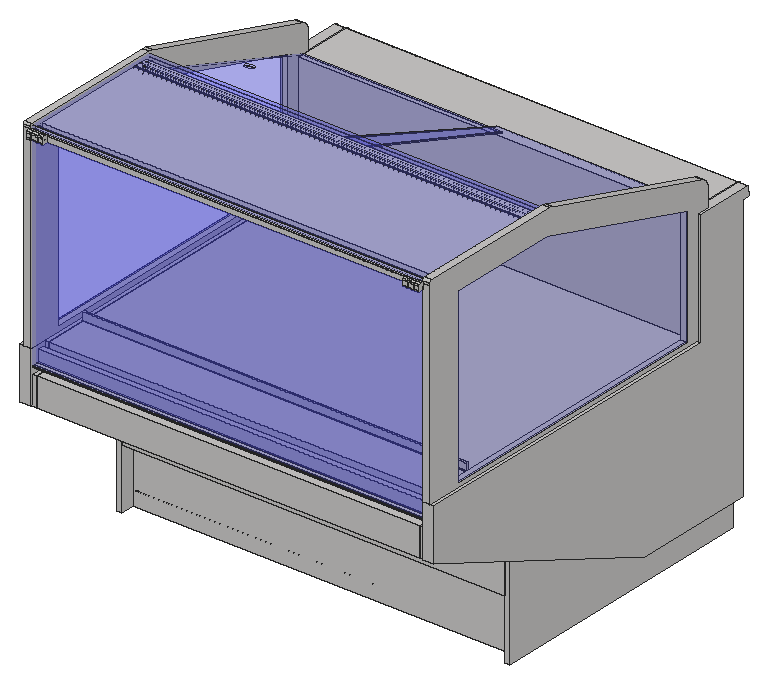
Revit family "QF_OSCARTEK_LA_CROSSE_N1150_cat", category Specialty Equipment, Revit 2026
Family settings
  Round Connector Dimension = Use Diameter
  Part Type = Normal
  Work Plane-Based = No
  Enable Cutting in Views = No
  Always vertical = Yes
  Cut with Voids When Loaded = No
  Maintain Annotation Orientation = No
  Shared = No
  Room Calculation Point = No
Parameters
  Weight in Pounds = 385
  Watts = Volts * FL Amps  # 416 W
  Volts = 208 V
  URL Cutsheet = ""
  Specification by User = ""
  Specification by Manufacturer = ""
  Show Panels [instance] = yes
  Show Clearance [instance] = yes
  Serial Number = ""
  Seismic Rating = ""
  SMACNA No = ""
  Revision Code = ""
  Phase = 1
  Number of Poles = 1
  NAFEM Spec ID Number = ""
  Model = "LA CROSSE PN1150"
  Min Ckt Ampacity = 0 A
  Max Overcurrent Protection = 0 A
  Masterspec = ""
  Manufacturer = "OSCARTEK"
  Length = 47 5/8"
  Item Number = ""
  Installed By = ""
  Identify Quantity as Lot = yes
  Height = 45 1/4"
  HP = ""
  Furnished By = ""
  Foodservice Equipment Identifier = yes
  FL Amps = 2 A
  Electrical Remarks = ""
  Electric Connection Type = ""
  Elec Conn RI Height = 0"
  Elec Conn Connection Height = 0"
  Description = "NEUTRAL SHOWCASE"
  Depth = 45 3/8"
  Default Elevation = 0"
  Cycle = 60 Hz
  Conn Plug = ""
  Conn Conduit = yes
  CSI MasterFormat = ""
  Apparent Power = 0 VA
Reference planes (in)
  plane 1 "BACK": y = 0
  plane 2: z = 0
  plane 3 "LEFT": x = 0
  plane 4 "RIGHT": x = 47.625
  plane 5 "FRONT": y = -45.375
  plane 6 "TOP": z = 45.25
  plane 7 "Center Y": x = 23.8125
  plane 8 "Center X": y = -22.6875
  plane 9: x = 47.25
  plane 10: z = 45.375
  plane 11: x = 0.375
  plane 12: y = -22.71965
  plane 13: y = -7.45169
  plane 14: x = 3.59375
  plane 15: x = 44.03125
  plane 16: x = 46.43802
  plane 17: x = 1.18698
  plane 18: y = -2.78789
  plane 19: z = 15.3125
  plane 20: y = -38.375
Forms (in)
  Extrusion 1, solid, material "QF_Metal - Stainless - Polished"
    sketch origin (0, 0, 0) x (0, 1, 0) y (0, 0, 1)
      loop
        line (-6.875, 22.24957) -> (-38.3125, 22.24957) -> (-38.3125, 23.12457)
        arc (-38.3125, 23.12457) -> (-38.375, 23.18707) -> (-38.4375, 23.12457) r 0.0625
        line (-38.4375, 23.12457) -> (-38.4375, 22.24957) -> (-38.4375, 21.49957) -> (-38.5625, 21.49957) -> (-38.5625, 22.24957) -> (-43.33357, 22.24957) -> (-43.33357, 20.45949) -> (-43.88753, 19.5) -> (-45.16826, 19.5) -> (-45.16826, 16.20686) -> (-32.90949, 11.10402) -> (-32.90949, 6.9375) -> (-32.3188, 6.9375) -> (-32.3188, 7.33129) -> (-32.3507, 7.33129) -> (-32.3507, 6.96507) -> (-32.87824, 6.96507) -> (-32.87824, 11.12088) -> (-41.46031, 14.69324) -> (-41.16838, 15.39455) -> (-30.97005, 11.06562) -> (-6.875, 14.45596) -> (-6.875, 22.24957)
    from 1.68698 to 45.93802
  Extrusion 2, solid, material "QF_Metal - Stainless - Polished"
    sketch origin (0, 0, 0) x (0, 1, 0) y (0, 0, 1)
      loop
        line (-30.91289, 11.0783) -> (-30.91289, 2.08664) -> (-29.33771, 2.08664) -> (-29.33771, 1.29905) -> (-4.39457, 1.29905) -> (-4.39457, 1.9685)
        arc (-4.39457, 1.9685) -> (-4.35997, 2.05204) -> (-4.27643, 2.08664) r 0.11814
        line (-4.27643, 2.08664) -> (-3.06354, 2.08664) -> (-3.06354, 14.99227) -> (-30.91289, 11.0783)
    from 1.68698 to 45.93802
  Extrusion 3, solid, material "QF_Metal - Stainless - Polished"
    sketch origin (0, -0.06283, 0) x (0, 1, 0) y (0, 0, 1)
      loop
        line (-30.73192, 1.29905) -> (-29.39302, 1.29905)
        arc (-29.39302, 1.29905) -> (-29.30948, 1.33365) -> (-29.27488, 1.41719) r 0.11814
        line (-29.27488, 1.41719) -> (-29.27488, 1.9685)
        arc (-29.27488, 1.9685) -> (-29.30948, 2.05204) -> (-29.39302, 2.08664) r 0.11814
        line (-29.39302, 2.08664) -> (-30.73192, 2.08664)
        arc (-30.73192, 2.08664) -> (-30.81546, 2.05204) -> (-30.85006, 1.9685) r 0.11814
        line (-30.85006, 1.9685) -> (-30.85006, 1.41719)
        arc (-30.85006, 1.41719) -> (-30.81546, 1.33365) -> (-30.73192, 1.29905) r 0.11814
      loop
        line (-29.39302, 2.00788) -> (-30.73192, 2.00788)
        arc (-30.73192, 2.00788) -> (-30.75977, 1.99635) -> (-30.7713, 1.9685) r 0.03938
        line (-30.7713, 1.9685) -> (-30.7713, 1.41719)
        arc (-30.7713, 1.41719) -> (-30.75977, 1.38934) -> (-30.73192, 1.37781) r 0.03938
        line (-30.73192, 1.37781) -> (-29.39302, 1.37781)
        arc (-29.39302, 1.37781) -> (-29.36517, 1.38934) -> (-29.35364, 1.41719) r 0.03938
        line (-29.35364, 1.41719) -> (-29.35364, 1.9685)
        arc (-29.35364, 1.9685) -> (-29.36517, 1.99635) -> (-29.39302, 2.00788) r 0.03938
      loop
        line (-4.2136, 1.29905) -> (-2.8747, 1.29905)
        arc (-2.8747, 1.29905) -> (-2.79117, 1.33365) -> (-2.75656, 1.41719) r 0.11814
        line (-2.75656, 1.41719) -> (-2.75656, 1.9685)
        arc (-2.75656, 1.9685) -> (-2.79117, 2.05204) -> (-2.8747, 2.08664) r 0.11814
        line (-2.8747, 2.08664) -> (-4.2136, 2.08664)
        arc (-4.2136, 2.08664) -> (-4.29714, 2.05204) -> (-4.33174, 1.9685) r 0.11814
        line (-4.33174, 1.9685) -> (-4.33174, 1.41719)
        arc (-4.33174, 1.41719) -> (-4.29714, 1.33365) -> (-4.2136, 1.29905) r 0.11814
      loop
        line (-4.2136, 1.37781) -> (-2.8747, 1.37781)
        arc (-2.8747, 1.37781) -> (-2.84686, 1.38934) -> (-2.83532, 1.41719) r 0.03938
        line (-2.83532, 1.41719) -> (-2.83532, 1.9685)
        arc (-2.83532, 1.9685) -> (-2.84686, 1.99635) -> (-2.8747, 2.00788) r 0.03938
        line (-2.8747, 2.00788) -> (-4.2136, 2.00788)
        arc (-4.2136, 2.00788) -> (-4.24145, 1.99635) -> (-4.25298, 1.9685) r 0.03938
        line (-4.25298, 1.9685) -> (-4.25298, 1.41719)
        arc (-4.25298, 1.41719) -> (-4.24145, 1.38934) -> (-4.2136, 1.37781) r 0.03938
    from 1.68698 to 45.93802
  Extrusion 4, solid, material "QF_Metal - Stainless - Polished"
    sketch origin (0, 0, 0) x (0, 1, 0) y (0, 0, 1)
      loop
        line (-31.30668, 6.81218) -> (-31.30668, 0) -> (-30.91289, 0) -> (-30.91289, 6.81218) -> (-31.30668, 6.81218)
    from 1.68698 to 45.93802
  Extrusion 5, solid, material "QF_Metal - Stainless - Polished"
    sketch origin (47.625, 0, 0) x (0, -1, 0) y (0, 0, 1)
      loop
        line (28.4499, 42.57314) -> (8.37911, 36.39332)
        arc (8.37911, 36.39332) -> (8.27866, 36.3221) -> (8.24015, 36.20514) r 0.1969
        line (8.24015, 36.20514) -> (8.24015, 22.73454) -> (41.40752, 22.73454) -> (41.40752, 42.57314) -> (28.4499, 42.57314)
      loop
        line (5.41468, 37.54341) -> (5.41468, 35.4375) -> (6.875, 35.4375) -> (6.875, 22.24957) -> (45.375, 22.24957) -> (45.375, 44.89259) -> (45.375, 45.1464)
        arc (45.375, 45.1464) -> (45.30805, 45.30805) -> (45.1464, 45.375) r 0.2286
        line (45.1464, 45.375) -> (28.13851, 45.375)
        arc (28.13851, 45.375) -> (27.95017, 45.36091) -> (27.76602, 45.31895) r 1.2658
        line (27.76602, 45.31895) -> (6.26864, 38.69988)
        arc (6.26864, 38.69988) -> (5.65131, 38.26221) -> (5.41468, 37.54341) r 1.21004
    from 0.375 to 1.18698
  Extrusion 6, solid, material "QF_Metal - Stainless - Polished", visible <- "Show Panels"
    sketch origin (47.625, 0, 0) x (0, -1, 0) y (0, 0, 1)
      loop
        line (6.875, 35.4375) -> (0.03127, 35.4375)
        arc (0.03127, 35.4375) -> (0.00916, 35.42834) -> (0, 35.40623) r 0.03127
        line (0, 35.40623) -> (0, 34.3587)
        arc (0, 34.3587) -> (0.01157, 34.33078) -> (0.03949, 34.31921) r 0.03949
        line (0.03949, 34.31921) -> (0.78759, 34.31921) -> (0.78759, 3.62384) -> (14.93951, 3.62384) -> (45.375, 16.29292) -> (45.375, 22.24957) -> (6.875, 22.24957) -> (6.875, 35.4375)
    from 0 to 1.18698
  Extrusion 7, solid, material "QF_Metal - Stainless - Polished"
    sketch origin (0, 0, 0) x (0, 1, 0) y (0, 0, 1)
      loop
        line (-44.36885, 44.24283) -> (-44.36885, 44.78627)
        arc (-44.36885, 44.78627) -> (-44.37936, 44.8112) -> (-44.4043, 44.82171) r 0.03589
        line (-44.4043, 44.82171) -> (-45.33956, 44.82171)
        arc (-45.33956, 44.82171) -> (-45.36462, 44.81133) -> (-45.375, 44.78627) r 0.03544
        line (-45.375, 44.78627) -> (-45.375, 44.24283) -> (-45.18795, 44.24283) -> (-45.18795, 44.79415) -> (-44.40036, 44.79415) -> (-44.40036, 44.24283) -> (-44.36885, 44.24283)
      loop
        line (-44.38067, 20.35918) -> (-45.16826, 20.35918) -> (-45.16826, 20.25) -> (-43.78998, 20.25) -> (-43.78998, 21.77684) -> (-44.38067, 21.77684) -> (-44.38067, 20.35918)
      loop
        line (-44.28222, 21.67839) -> (-44.28222, 20.35918) -> (-43.88842, 20.35918) -> (-43.88842, 21.67839) -> (-44.28222, 21.67839)
    from 1.18698 to 46.43802
  Extrusion 8, solid, material "Glass"
    sketch origin (0, 0, 0) x (0, 1, 0) y (0, 0, 1)
      loop
        line (-44.95167, 44.79415) -> (-45.18795, 44.79415) -> (-45.18795, 20.37887) -> (-44.95167, 20.37887) -> (-44.95167, 44.79415)
      loop
        line (-44.63663, 20.37887) -> (-44.40036, 20.37887) -> (-44.40036, 44.79415) -> (-44.63663, 44.79415) -> (-44.63663, 20.37887)
    from 1.18698 to 46.43802
  Extrusion 9, solid, material "Glass"
    sketch origin (47.25, 0, 0) x (0, 1, 0) y (0, 0, 1)
      loop
        line (-41.40752, 42.57314) -> (-41.40752, 22.73454) -> (-8.24015, 22.73454) -> (-8.24015, 36.20514)
        arc (-8.24015, 36.20514) -> (-8.27866, 36.3221) -> (-8.37911, 36.39332) r 0.1969
        line (-8.37911, 36.39332) -> (-28.4499, 42.57314) -> (-41.40752, 42.57314)
    from 0 to -0.125
  Extrusion 10, solid, material "Glass"
    sketch origin (0, 0, 0) x (0, 1, 0) y (0, 0, 1)
      loop
        line (-45.24702, 44.89259) -> (-28.31384, 44.89259) -> (-28.31384, 45.25) -> (-45.24702, 45.25) -> (-45.24702, 44.89259)
    from 1.18698 to 46.43802
  Extrusion 11, solid, material "QF_Metal - Stainless - Polished"
    sketch origin (0, 0, 0) x (0, 1, 0) y (0, 0, 1)
      loop
        line (-43.78998, 44.26252) -> (-42.76611, 44.26252) -> (-42.76611, 43.3371) -> (-41.58473, 43.3371) -> (-41.58473, 42.92362) -> (-31.24542, 42.92362) -> (-30.55847, 43.61057) -> (-30.55847, 44.89259) -> (-43.78998, 44.89259) -> (-43.78998, 44.26252)
    from 1.18698 to 46.43802
  Extrusion 12, solid, material "QF_Metal - Stainless - Polished"
    sketch origin (0, 0, 0) x (0, 1, 0) y (0, 0, 1)
      loop
        line (-30.25533, 44.80399) -> (-30.25533, 44.75289)
        arc (-30.25533, 44.75289) -> (-30.28999, 44.7093) -> (-30.33358, 44.74397) r 0.03938
        arc (-30.33358, 44.74397) -> (-30.45078, 44.7849) -> (-30.40985, 44.6677) r 0.06891
        arc (-30.40985, 44.6677) -> (-30.37518, 44.62412) -> (-30.41877, 44.58945) r 0.03938
        line (-30.41877, 44.58945) -> (-30.46987, 44.58945) -> (-30.46987, 43.9986)
        arc (-30.46987, 43.9986) -> (-30.4641, 43.98468) -> (-30.45018, 43.97891) r 0.01969
        line (-30.45018, 43.97891) -> (-29.90187, 43.97891)
        arc (-29.90187, 43.97891) -> (-29.8859, 43.9885) -> (-29.88408, 44.00704) r 0.02073
        arc (-29.88408, 44.00704) -> (-29.89591, 44.04574) -> (-29.90212, 44.08573) r 0.28403
        arc (-29.90212, 44.08573) -> (-29.86308, 44.12849) -> (-29.82337, 44.08635) r 0.03949
        arc (-29.82337, 44.08635) -> (-29.6385, 44.01063) -> (-29.71422, 44.19549) r 0.10829
        arc (-29.71422, 44.19549) -> (-29.75329, 44.23518) -> (-29.71361, 44.27425) r 0.03938
        arc (-29.71361, 44.27425) -> (-29.67327, 44.26953) -> (-29.63491, 44.25621) r 0.18705
        arc (-29.63491, 44.25621) -> (-29.61595, 44.25736) -> (-29.60678, 44.274) r 0.01969
        line (-29.60678, 44.274) -> (-29.60678, 44.7843)
        arc (-29.60678, 44.7843) -> (-29.61255, 44.79822) -> (-29.62647, 44.80399) r 0.01969
        line (-29.62647, 44.80399) -> (-30.25533, 44.80399)
      loop
        line (-29.22284, 44.34625) -> (-29.50832, 44.34625)
        arc (-29.50832, 44.34625) -> (-29.52226, 44.35203) -> (-29.52803, 44.36596) r 0.01971
        line (-29.52803, 44.36596) -> (-29.52803, 44.76456)
        arc (-29.52803, 44.76456) -> (-29.51652, 44.79244) -> (-29.48865, 44.80399) r 0.03938
        line (-29.48865, 44.80399) -> (-28.93028, 44.80399) -> (-28.93028, 44.89259) -> (-30.55847, 44.89259) -> (-30.55847, 43.61057) -> (-30.47971, 43.61057) -> (-30.47971, 43.75248) -> (-30.37142, 43.75248) -> (-30.37142, 43.81155) -> (-30.46987, 43.81155) -> (-30.46987, 43.89031) -> (-29.99731, 43.89031) -> (-29.99731, 43.81155) -> (-30.09576, 43.81155) -> (-30.09576, 43.75248) -> (-29.94317, 43.75248)
        arc (-29.94317, 43.75248) -> (-29.90978, 43.78049) -> (-29.92554, 43.82113) r 0.03744
        arc (-29.92554, 43.82113) -> (-29.94317, 43.85576) -> (-29.92059, 43.88739) r 0.03744
        line (-29.92059, 43.88739) -> (-29.60678, 43.88739) -> (-29.60678, 43.6696)
        arc (-29.60678, 43.6696) -> (-29.43734, 43.48338) -> (-29.23599, 43.63453) r 0.18705
        arc (-29.23599, 43.63453) -> (-29.2636, 43.67982) -> (-29.31138, 43.65679) r 0.0395
        arc (-29.31138, 43.65679) -> (-29.42655, 43.56288) -> (-29.52802, 43.67145) r 0.10882
        line (-29.52802, 43.67145) -> (-29.52802, 44.26753) -> (-29.2851, 44.26753)
        arc (-29.2851, 44.26753) -> (-29.09266, 44.15857) -> (-28.9308, 44.30926) r 0.18705
        arc (-28.9308, 44.30926) -> (-28.95842, 44.35455) -> (-29.0062, 44.33152) r 0.0395
        arc (-29.0062, 44.33152) -> (-29.12141, 44.23761) -> (-29.22284, 44.34625) r 0.10882
    from 1.18698 to 46.43802
  Extrusion 13, solid, material "QF_Metal - Stainless - Polished"
    sketch origin (0, 0, 0) x (0, 1, 0) y (0, 0, 1)
      loop
        line (-28.50508, 43.43961) -> (-28.4924, 43.47454) -> (-28.99252, 43.65607) -> (-28.93877, 43.80413) -> (-28.43866, 43.62261) -> (-28.42791, 43.65222)
        arc (-28.42791, 43.65222) -> (-28.42925, 43.68233) -> (-28.45149, 43.70267) r 0.03938
        line (-28.45149, 43.70267) -> (-29.24734, 43.99155)
        arc (-29.24734, 43.99155) -> (-29.45788, 43.94144) -> (-29.49523, 43.72826) r 0.1969
        arc (-29.49523, 43.72826) -> (-29.48764, 43.69918) -> (-29.48918, 43.66916) r 0.09845
        arc (-29.48918, 43.66916) -> (-29.36383, 43.5909) -> (-29.4083, 43.73182) r 0.07876
        arc (-29.4083, 43.73182) -> (-29.42949, 43.73924) -> (-29.44318, 43.75704) r 0.03938
        arc (-29.44318, 43.75704) -> (-29.41289, 43.90301) -> (-29.2675, 43.93602) r 0.13783
        line (-29.2675, 43.93602) -> (-29.10696, 43.87775)
        arc (-29.10696, 43.87775) -> (-29.08277, 43.85236) -> (-29.08841, 43.81775) r 0.03938
        arc (-29.08841, 43.81775) -> (-29.1246, 43.72082) -> (-29.10663, 43.61892) r 0.1969
        arc (-29.10663, 43.61892) -> (-29.08533, 43.5916) -> (-29.05437, 43.57606) r 0.07876
        line (-29.05437, 43.57606) -> (-28.50508, 43.43961)
      loop
        line (-28.20414, 44.09454) -> (-28.19183, 44.12844) -> (-28.68804, 44.32072) -> (-28.63428, 44.46885) -> (-28.13806, 44.27657) -> (-28.12341, 44.31693)
        arc (-28.12341, 44.31693) -> (-28.12475, 44.34704) -> (-28.14699, 44.36739) r 0.03938
        line (-28.14699, 44.36739) -> (-28.94285, 44.65626)
        arc (-28.94285, 44.65626) -> (-29.15339, 44.60615) -> (-29.19073, 44.39298) r 0.1969
        arc (-29.19073, 44.39298) -> (-29.18314, 44.36389) -> (-29.18468, 44.33387) r 0.09845
        arc (-29.18468, 44.33387) -> (-29.05933, 44.25561) -> (-29.10381, 44.39654) r 0.07876
        arc (-29.10381, 44.39654) -> (-29.125, 44.40396) -> (-29.13869, 44.42175) r 0.03938
        arc (-29.13869, 44.42175) -> (-29.10839, 44.56773) -> (-28.963, 44.60074) r 0.13783
        line (-28.963, 44.60074) -> (-28.80246, 44.54246)
        arc (-28.80246, 44.54246) -> (-28.77827, 44.51708) -> (-28.78392, 44.48247) r 0.03938
        arc (-28.78392, 44.48247) -> (-28.8201, 44.38553) -> (-28.80213, 44.28363) r 0.1969
        arc (-28.80213, 44.28363) -> (-28.78084, 44.25631) -> (-28.74988, 44.24077) r 0.07876
        line (-28.74988, 44.24077) -> (-28.20414, 44.09454)
    from 1.18698 to 46.43802
  Extrusion 14, solid, material "Glass"
    sketch origin (0, 0, 0) x (0, 1, 0) y (0, 0, 1)
      loop
        line (-5.77386, 35.44153) -> (-5.717, 35.58846) -> (-28.63428, 44.46885) -> (-28.68804, 44.32072) -> (-5.77386, 35.44153)
    from 23.21218 to 46.43802
  Extrusion 15, solid, material "Glass"
    sketch origin (0, 0, 0) x (0, 1, 0) y (0, 0, 1)
      loop
        line (-6.30758, 35.58959) -> (-28.93877, 43.80413) -> (-28.99252, 43.65607) -> (-6.36132, 35.44153) -> (-6.30758, 35.58959)
    from 1.18698 to 24.41282
  Revolve 16, solid, material "QF_Metal - Stainless - Polished"
    sketch origin (3.59375, 0, 0) x (0, 1, 0) y (0, 0, 1)
      loop
        line (-30.83413, 0) -> (-30.1253, 0) -> (-30.1253, 1.9685) -> (-30.28359, 1.9685) -> (-30.32219, 1.91337) -> (-30.36157, 1.87399) -> (-30.36157, 1.45993)
        spline (-30.36157, 1.45993) -> (-30.37994, 1.45854) -> (-30.39705, 1.45443) -> (-30.41174, 1.44791) -> (-30.42301, 1.4394) -> (-30.4301, 1.4295) -> (-30.43252, 1.41887) -> (-30.4301, 1.40824) -> (-30.42301, 1.39834) -> (-30.41174, 1.38984) -> (-30.39705, 1.38331) -> (-30.37994, 1.37921) -> (-30.36157, 1.37781)
        line (-30.36157, 1.37781) -> (-30.40095, 1.37781) -> (-30.40095, 1.26755) -> (-30.32219, 1.26755) -> (-30.32219, 0.39379) -> (-30.4994, 0.39379) -> (-30.4994, 0.22609) -> (-31.05196, 0.22609) -> (-31.09994, 0.11814) -> (-30.83413, 0)
      axis (-30.1253, 1.9685) -> (-30.1253, 0)
    angle from 0 to 360
  Revolve 17, solid, material "QF_Metal - Stainless - Polished"
    sketch origin (3.59375, 26.51832, 0) x (0, 1, 0) y (0, 0, 1)
      loop
        line (-30.83413, 0) -> (-30.1253, 0) -> (-30.1253, 1.9685) -> (-30.28359, 1.9685) -> (-30.32219, 1.91337) -> (-30.36157, 1.87399) -> (-30.36157, 1.45993)
        spline (-30.36157, 1.45993) -> (-30.37994, 1.45854) -> (-30.39705, 1.45443) -> (-30.41174, 1.44791) -> (-30.42301, 1.4394) -> (-30.4301, 1.4295) -> (-30.43252, 1.41887) -> (-30.4301, 1.40824) -> (-30.42301, 1.39834) -> (-30.41174, 1.38984) -> (-30.39705, 1.38331) -> (-30.37994, 1.37921) -> (-30.36157, 1.37781)
        line (-30.36157, 1.37781) -> (-30.40095, 1.37781) -> (-30.40095, 1.26755) -> (-30.32219, 1.26755) -> (-30.32219, 0.39379) -> (-30.4994, 0.39379) -> (-30.4994, 0.22609) -> (-31.05196, 0.22609) -> (-31.09994, 0.11814) -> (-30.83413, 0)
      axis (-30.1253, 1.9685) -> (-30.1253, 0)
    angle from 0 to 360
  Revolve 18, solid, material "QF_Metal - Stainless - Polished"
    sketch origin (44.03125, 0, 0) x (0, 1, 0) y (0, 0, -1)
      loop
        line (-30.83413, 0) -> (-31.09994, -0.11814) -> (-31.05196, -0.22609) -> (-30.4994, -0.22609) -> (-30.4994, -0.39379) -> (-30.32219, -0.39379) -> (-30.32219, -1.26755) -> (-30.40095, -1.26755) -> (-30.40095, -1.37781) -> (-30.36157, -1.37781)
        spline (-30.36157, -1.37781) -> (-30.37994, -1.37921) -> (-30.39705, -1.38331) -> (-30.41174, -1.38984) -> (-30.42301, -1.39834) -> (-30.4301, -1.40824) -> (-30.43252, -1.41887) -> (-30.4301, -1.4295) -> (-30.42301, -1.4394) -> (-30.41174, -1.44791) -> (-30.39705, -1.45443) -> (-30.37994, -1.45854) -> (-30.36157, -1.45993)
        line (-30.36157, -1.45993) -> (-30.36157, -1.87399) -> (-30.32219, -1.91337) -> (-30.28359, -1.9685) -> (-30.1253, -1.9685) -> (-30.1253, 0) -> (-30.83413, 0)
      axis (-30.1253, -1.9685) -> (-30.1253, 0)
    angle from 0 to 360
  Revolve 19, solid, material "QF_Metal - Stainless - Polished"
    sketch origin (44.03125, 26.51832, 0) x (0, 1, 0) y (0, 0, -1)
      loop
        line (-30.83413, 0) -> (-31.09994, -0.11814) -> (-31.05196, -0.22609) -> (-30.4994, -0.22609) -> (-30.4994, -0.39379) -> (-30.32219, -0.39379) -> (-30.32219, -1.26755) -> (-30.40095, -1.26755) -> (-30.40095, -1.37781) -> (-30.36157, -1.37781)
        spline (-30.36157, -1.37781) -> (-30.37994, -1.37921) -> (-30.39705, -1.38331) -> (-30.41174, -1.38984) -> (-30.42301, -1.39834) -> (-30.4301, -1.40824) -> (-30.43252, -1.41887) -> (-30.4301, -1.4295) -> (-30.42301, -1.4394) -> (-30.41174, -1.44791) -> (-30.39705, -1.45443) -> (-30.37994, -1.45854) -> (-30.36157, -1.45993)
        line (-30.36157, -1.45993) -> (-30.36157, -1.87399) -> (-30.32219, -1.91337) -> (-30.28359, -1.9685) -> (-30.1253, -1.9685) -> (-30.1253, 0) -> (-30.83413, 0)
      axis (-30.1253, -1.9685) -> (-30.1253, 0)
    angle from 0 to 360
  Extrusion 20, solid, material "QF_Metal - Stainless - Polished"
    sketch origin (0, -0.06283, 0) x (0, 1, 0) y (0, 0, 1)
      loop
        arc (-2.8747, 2.08664) -> (-2.79117, 2.05204) -> (-2.75656, 1.9685) r 0.11814
        line (-2.75656, 1.9685) -> (-2.75656, 1.41655) -> (-2.72506, 1.41655) -> (-2.72506, 5.62939)
        arc (-2.72506, 5.62939) -> (-2.73682, 5.65778) -> (-2.76521, 5.66953) r 0.04015
        line (-2.76521, 5.66953) -> (-3.00072, 5.66953) -> (-3.00072, 2.08664) -> (-2.8747, 2.08664)
    from 1.68698 to 45.93802
  Extrusion 21, solid, material "QF_Metal - Stainless - Polished"
    sketch origin (47.875, -0.06283, 0) x (0, 1, 0) y (0, 0, -1)
      loop
        line (-3.00072, -5.66953) -> (-3.00072, -14.9923) -> (-2.72506, -15.03104) -> (-2.72506, -5.70968)
        arc (-2.72506, -5.70968) -> (-2.73682, -5.68129) -> (-2.76521, -5.66953) r 0.04015
        line (-2.76521, -5.66953) -> (-3.00072, -5.66953)
    from 31.07433 to 46.18802
  Extrusion 22, solid, material "QF_Metal - Stainless - Polished"
    sketch origin (47.875, -0.06283, 0) x (0, 1, 0) y (0, 0, -1)
      loop
        line (-3.00072, -5.66953) -> (-3.00072, -14.99226) -> (-2.72506, -15.03104) -> (-2.72506, -5.70968)
        arc (-2.72506, -5.70968) -> (-2.73682, -5.68129) -> (-2.76521, -5.66953) r 0.04015
        line (-2.76521, -5.66953) -> (-3.00072, -5.66953)
    from 31.07433 to 1.93698
  Extrusion 23, solid, material "QF_Metal - Stainless - Polished"
    sketch origin (47.29847, 0, 0) x (0, 1, 0) y (0, 0, -1)
      loop
        line (-45.375, -44.16407) -> (-45.88039, -44.16407)
        arc (-45.88039, -44.16407) -> (-45.93375, -44.18618) -> (-45.95585, -44.23954) r 0.07546
        line (-45.95585, -44.23954) -> (-45.95585, -44.77784)
        arc (-45.95585, -44.77784) -> (-45.93938, -44.84866) -> (-45.89337, -44.90495) r 0.16053
        arc (-45.89337, -44.90495) -> (-45.77423, -44.96893) -> (-45.64081, -44.99104) r 0.41348
        line (-45.64081, -44.99104) -> (-45.375, -44.99104) -> (-45.375, -44.16407)
      loop
        circle (-45.64081, -44.57756) r 0.13783
    from 0.86045 to 1.40074
  Extrusion 24, solid, material "QF_Metal - Stainless - Polished"
    sketch origin (46.71817, 0, 0) x (0, 1, 0) y (0, 0, -1)
      loop
        line (-45.375, -44.16407) -> (-45.88039, -44.16407)
        arc (-45.88039, -44.16407) -> (-45.93375, -44.18618) -> (-45.95585, -44.23954) r 0.07546
        line (-45.95585, -44.23954) -> (-45.95585, -44.77784)
        arc (-45.95585, -44.77784) -> (-45.93938, -44.84866) -> (-45.89337, -44.90495) r 0.16053
        arc (-45.89337, -44.90495) -> (-45.77423, -44.96893) -> (-45.64081, -44.99104) r 0.41348
        line (-45.64081, -44.99104) -> (-45.375, -44.99104) -> (-45.375, -44.16407)
      loop
        circle (-45.64081, -44.57756) r 0.13783
    from 0.86045 to 1.58083
  Extrusion 25, solid, material "QF_Metal - Stainless - Polished"
    sketch origin (43.69658, 0, 0) x (0, 1, 0) y (0, 0, 1)
      loop
        line (-45.375, 44.16407) -> (-45.375, 44.99104) -> (-45.64081, 44.99104)
        arc (-45.64081, 44.99104) -> (-45.77423, 44.96893) -> (-45.89337, 44.90495) r 0.41348
        arc (-45.89337, 44.90495) -> (-45.93938, 44.84866) -> (-45.95585, 44.77784) r 0.16053
        line (-45.95585, 44.77784) -> (-45.95585, 44.23954)
        arc (-45.95585, 44.23954) -> (-45.93375, 44.18618) -> (-45.88039, 44.16407) r 0.07546
        line (-45.88039, 44.16407) -> (-45.375, 44.16407)
      loop
        circle (-45.64081, 44.57756) r 0.13783
    from 0.86045 to 1.40074
  Extrusion 26, solid, material "QF_Metal - Stainless - Polished", not visible
    sketch origin (45.71579, 0, 0) x (0, 1, 0) y (0, 0, -1)
      loop
        line (-45.375, -44.16407) -> (-45.88039, -44.16407)
        arc (-45.88039, -44.16407) -> (-45.93375, -44.18618) -> (-45.95585, -44.23954) r 0.07546
        line (-45.95585, -44.23954) -> (-45.95585, -44.77784)
        arc (-45.95585, -44.77784) -> (-45.93938, -44.84866) -> (-45.89337, -44.90495) r 0.16053
        arc (-45.89337, -44.90495) -> (-45.77423, -44.96893) -> (-45.64081, -44.99104) r 0.41348
        line (-45.64081, -44.99104) -> (-45.375, -44.99104) -> (-45.375, -44.16407)
      loop
        circle (-45.64081, -44.57756) r 0.13783
    from 0.86045 to 1.40074
  Extrusion 27, solid, material "QF_Metal - Stainless - Polished", not visible
    sketch origin (45.13549, 0, 0) x (0, 1, 0) y (0, 0, -1)
      loop
        line (-45.375, -44.16407) -> (-45.88039, -44.16407)
        arc (-45.88039, -44.16407) -> (-45.93375, -44.18618) -> (-45.95585, -44.23954) r 0.07546
        line (-45.95585, -44.23954) -> (-45.95585, -44.77784)
        arc (-45.95585, -44.77784) -> (-45.93938, -44.84866) -> (-45.89337, -44.90495) r 0.16053
        arc (-45.89337, -44.90495) -> (-45.77423, -44.96893) -> (-45.64081, -44.99104) r 0.41348
        line (-45.64081, -44.99104) -> (-45.375, -44.99104) -> (-45.375, -44.16407)
      loop
        circle (-45.64081, -44.57756) r 0.13783
    from 0.86045 to 1.58083
  Extrusion 28, solid, material "QF_Metal - Stainless - Polished", not visible
    sketch origin (42.11391, 0, 0) x (0, 1, 0) y (0, 0, 1)
      loop
        line (-45.375, 44.16407) -> (-45.375, 44.99104) -> (-45.64081, 44.99104)
        arc (-45.64081, 44.99104) -> (-45.77423, 44.96893) -> (-45.89337, 44.90495) r 0.41348
        arc (-45.89337, 44.90495) -> (-45.93938, 44.84866) -> (-45.95585, 44.77784) r 0.16053
        line (-45.95585, 44.77784) -> (-45.95585, 44.23954)
        arc (-45.95585, 44.23954) -> (-45.93375, 44.18618) -> (-45.88039, 44.16407) r 0.07546
        line (-45.88039, 44.16407) -> (-45.375, 44.16407)
      loop
        circle (-45.64081, 44.57756) r 0.13783
    from 0.86045 to 1.40074
  Extrusion 29, solid, material "QF_Metal - Stainless - Polished"
    sketch origin (0.32653, 0, 0) x (0, 1, 0) y (0, 0, 1)
      loop
        line (-45.375, 44.16407) -> (-45.375, 44.99104) -> (-45.64081, 44.99104)
        arc (-45.64081, 44.99104) -> (-45.77423, 44.96893) -> (-45.89337, 44.90495) r 0.41348
        arc (-45.89337, 44.90495) -> (-45.93938, 44.84866) -> (-45.95585, 44.77784) r 0.16053
        line (-45.95585, 44.77784) -> (-45.95585, 44.23954)
        arc (-45.95585, 44.23954) -> (-45.93375, 44.18618) -> (-45.88039, 44.16407) r 0.07546
        line (-45.88039, 44.16407) -> (-45.375, 44.16407)
      loop
        circle (-45.64081, 44.57756) r 0.13783
    from 0.86045 to 1.40074
  Extrusion 30, solid, material "QF_Metal - Stainless - Polished"
    sketch origin (0.90683, 0, 0) x (0, 1, 0) y (0, 0, 1)
      loop
        line (-45.375, 44.16407) -> (-45.375, 44.99104) -> (-45.64081, 44.99104)
        arc (-45.64081, 44.99104) -> (-45.77423, 44.96893) -> (-45.89337, 44.90495) r 0.41348
        arc (-45.89337, 44.90495) -> (-45.93938, 44.84866) -> (-45.95585, 44.77784) r 0.16053
        line (-45.95585, 44.77784) -> (-45.95585, 44.23954)
        arc (-45.95585, 44.23954) -> (-45.93375, 44.18618) -> (-45.88039, 44.16407) r 0.07546
        line (-45.88039, 44.16407) -> (-45.375, 44.16407)
      loop
        circle (-45.64081, 44.57756) r 0.13783
    from 0.86045 to 1.58083
  Extrusion 31, solid, material "QF_Metal - Stainless - Polished"
    sketch origin (3.92842, 0, 0) x (0, 1, 0) y (0, 0, -1)
      loop
        line (-45.375, -44.16407) -> (-45.88039, -44.16407)
        arc (-45.88039, -44.16407) -> (-45.93375, -44.18618) -> (-45.95585, -44.23954) r 0.07546
        line (-45.95585, -44.23954) -> (-45.95585, -44.77784)
        arc (-45.95585, -44.77784) -> (-45.93938, -44.84866) -> (-45.89337, -44.90495) r 0.16053
        arc (-45.89337, -44.90495) -> (-45.77423, -44.96893) -> (-45.64081, -44.99104) r 0.41348
        line (-45.64081, -44.99104) -> (-45.375, -44.99104) -> (-45.375, -44.16407)
      loop
        circle (-45.64081, -44.57756) r 0.13783
    from 0.86045 to 1.40074
  Extrusion 32, solid, material "QF_Door-Drawer Clearances", visible <- "Show Clearance", detail levels coarse
    sketch origin (0, 0, 0) x (0, 1, 0) y (0, 0, 1)
      loop
        arc (-60.17544, 64.4442) -> (-69.03426, 36.86204) -> (-45.18795, 20.41189) r 24.29258
        line (-45.18795, 20.41189) -> (-45.18795, 44.79415) -> (-46.41631, 44.79415) -> (-60.17544, 64.4442)
    from 1.18698 to 46.43802
  Extrusion 33, solid, material "QF_Metal - Stainless - Polished"
    sketch origin (46.43802, 0, 0) x (0, -1, 0) y (0, 0, 1)
      loop
        line (45.16826, 16.20686) -> (45.16826, 19.5) -> (43.88753, 19.5) -> (43.33357, 20.45949) -> (43.33357, 22.24957) -> (6.875, 22.24957) -> (6.875, 14.45596) -> (0.78759, 15.3125) -> (0.78759, 0) -> (32.90949, 0) -> (32.90949, 11.10402) -> (45.16826, 16.20686)
    from 0 to 0.5
  Extrusion 34, solid, material "QF_Metal - Stainless - Polished"
    sketch origin (0, 0, 0) x (0, 1, 0) y (0, 0, 1)
      loop
        line (-6.875, 35.4375) -> (-6.875, 14.45596) -> (-0.78759, 15.3125) -> (-0.78759, 34.31921) -> (-0.03949, 34.31921)
        arc (-0.03949, 34.31921) -> (-0.01157, 34.33078) -> (0, 34.3587) r 0.03949
        line (0, 34.3587) -> (0, 35.40623)
        arc (0, 35.40623) -> (-0.00916, 35.42834) -> (-0.03127, 35.4375) r 0.03127
        line (-0.03127, 35.4375) -> (-6.875, 35.4375)
    from 1.18698 to 46.43802
  Extrusion 35, solid, material "QF_Metal - Stainless - Polished"
    sketch origin (0, 0, 0) x (0, -1, 0) y (0, 0, -1)
      loop
        line (28.4499, -42.57314) -> (41.40752, -42.57314) -> (41.40752, -22.73454) -> (8.24015, -22.73454) -> (8.24015, -36.20514)
        arc (8.24015, -36.20514) -> (8.27866, -36.3221) -> (8.37911, -36.39332) r 0.1969
        line (8.37911, -36.39332) -> (28.4499, -42.57314)
      loop
        arc (5.41468, -37.54341) -> (5.65131, -38.26221) -> (6.26864, -38.69988) r 1.21004
        line (6.26864, -38.69988) -> (27.76602, -45.31895)
        arc (27.76602, -45.31895) -> (27.95017, -45.36091) -> (28.13851, -45.375) r 1.2658
        line (28.13851, -45.375) -> (45.1464, -45.375)
        arc (45.1464, -45.375) -> (45.30805, -45.30805) -> (45.375, -45.1464) r 0.2286
        line (45.375, -45.1464) -> (45.375, -44.89259) -> (45.375, -22.24957) -> (6.875, -22.24957) -> (6.875, -35.4375) -> (5.41468, -35.4375) -> (5.41468, -37.54341)
    from 0.375 to 1.18698
  Extrusion 36, solid, material "QF_Metal - Stainless - Polished", visible <- "Show Panels"
    sketch origin (0, 0, 0) x (0, -1, 0) y (0, 0, -1)
      loop
        line (6.875, -35.4375) -> (6.875, -22.24957) -> (45.375, -22.24957) -> (45.375, -16.29292) -> (14.93951, -3.62384) -> (0.78759, -3.62384) -> (0.78759, -34.31921) -> (0.03949, -34.31921)
        arc (0.03949, -34.31921) -> (0.01157, -34.33078) -> (0, -34.3587) r 0.03949
        line (0, -34.3587) -> (0, -35.40623)
        arc (0, -35.40623) -> (0.00916, -35.42834) -> (0.03127, -35.4375) r 0.03127
        line (0.03127, -35.4375) -> (6.875, -35.4375)
    from 0 to 1.18698
  Extrusion 37, solid, material "Glass"
    sketch origin (0.375, 0, 0) x (0, 1, 0) y (0, 0, -1)
      loop
        line (-41.40752, -42.57314) -> (-28.4499, -42.57314) -> (-8.37911, -36.39332)
        arc (-8.37911, -36.39332) -> (-8.27866, -36.3221) -> (-8.24015, -36.20514) r 0.1969
        line (-8.24015, -36.20514) -> (-8.24015, -22.73454) -> (-41.40752, -22.73454) -> (-41.40752, -42.57314)
    from 0 to -0.125
  Extrusion 38, solid, material "QF_Metal - Stainless - Polished"
    sketch origin (1.18698, 0, 0) x (0, -1, 0) y (0, 0, -1)
      loop
        line (45.16826, -16.20686) -> (32.90949, -11.10402) -> (32.90949, 0) -> (0.78759, 0) -> (0.78759, -15.3125) -> (6.875, -14.45596) -> (6.875, -22.24957) -> (43.33357, -22.24957) -> (43.33357, -20.45949) -> (43.88753, -19.5) -> (45.16826, -19.5) -> (45.16826, -16.20686)
    from 0 to 0.5
  Extrusion 39, solid, material "QF_Metal - Stainless - Polished"
    sketch origin (0, -2.78789, 5.63016) x (0, 0, -1) y (-1, 0, 0)
      loop
        circle (2.22407, -9.24383) r 0.25
    from 0 to 0.125
  Extrusion 40, void
    sketch origin (0.875, -28.9681, 43.74103) x (0, -0.848537, 0.529137) y (-1, 0, 0)
      loop
        circle (-13.63796, -43.875) r 0.5
      loop
        circle (-13.63796, -2) r 0.5
    from -8.87714 to 3
Cuts and joins
  joined: Extrusion 33, Extrusion 34
  Extrusion 40 cuts Extrusion 14
  Extrusion 40 cuts Extrusion 15
Lines and regions (in)
  symbolic lines, visible <- "Show Panels"
    curve 1: line (0, 0, 0) -> (1.18698, 0, 0)
    curve 2: line (0, 0, 0) -> (0, -45.375, 0)
    curve 3: line (0, -45.375, 0) -> (1.18698, -45.375, 0)
    curve 4: line (47.625, 0, 0) -> (46.43802, 0, 0)
    curve 5: line (47.625, 0, 0) -> (47.625, -45.375, 0)
    curve 6: line (47.625, -45.375, 0) -> (46.43802, -45.375, 0)
  symbolic lines
    curve 7: line (1.18698, 0, 0) -> (46.43802, 0, 0)
    curve 8: line (1.18698, -45.375, 0) -> (1.18698, 0, 0)
    curve 9: line (46.43802, -45.375, 0) -> (1.18698, -45.375, 0)
    curve 10: line (46.43802, 0, 0) -> (46.43802, -45.375, 0)
    curve 11: line (46.43802, -45.24702, 0) -> (1.18698, -45.24702, 0)
    curve 12: line (0.375, -45.375, 0) -> (1.18698, -45.375, 0)
    curve 13: line (0.375, -45.375, 0) -> (0.375, -5.41468, 0)
    curve 14: line (0.375, -5.41468, 0) -> (1.18698, -5.41468, 0)
    curve 15: line (46.43802, -5.41468, 0) -> (47.25, -5.41468, 0)
    curve 16: line (47.25, -5.41468, 0) -> (47.25, -45.375, 0)
    curve 17: line (47.25, -45.375, 0) -> (46.43802, -45.375, 0)
    curve 18: line (23.21218, -6.30758, 0) -> (1.18698, -6.30758, 0)
    curve 19: line (23.21218, -5.717, 0) -> (46.43802, -5.717, 0)
    curve 20: line (23.21218, -5.717, 0) -> (23.21218, -28.12105, 0)
    curve 21: line (1.18698, -28.12105, 0) -> (46.43802, -28.12105, 0)
    curve 22: line (1.18698, -28.31384, 0) -> (46.43802, -28.31384, 0)
    curve 23: line (1.18698, -45.95585, 0) -> (1.18698, -45.375, 0)
    curve 24: line (1.18698, -45.95585, 0) -> (1.72727, -45.95585, 0)
    curve 25: line (1.72727, -45.95585, 0) -> (1.72727, -45.375, 0)
    curve 26: line (1.76729, -45.95585, 0) -> (1.76729, -45.375, 0)
    curve 27: line (1.76729, -45.95585, 0) -> (2.48767, -45.95585, 0)
    curve 28: line (2.48767, -45.95585, 0) -> (2.48767, -45.375, 0)
    curve 29: line (2.52769, -45.95585, 0) -> (2.52769, -45.375, 0)
    curve 30: line (2.52769, -45.95585, 0) -> (3.06797, -45.95585, 0)
    curve 31: line (3.06797, -45.95585, 0) -> (3.06797, -45.375, 0)
    curve 32: line (46.43802, -45.95585, 0) -> (46.43802, -45.375, 0)
    curve 33: line (46.43802, -45.95585, 0) -> (45.09731, -45.95585, 0)
    curve 34: line (45.09731, -45.95585, 0) -> (45.09731, -45.375, 0)
    curve 35: line (44.55703, -45.95585, 0) -> (44.55703, -45.375, 0)
    curve 36: line (44.55703, -45.95585, 0) -> (45.89773, -45.95585, 0)
    curve 37: line (45.89773, -45.95585, 0) -> (45.89773, -45.375, 0)
    curve 38: line (45.85771, -45.95585, 0) -> (45.85771, -45.375, 0)
    curve 39: line (45.85771, -45.95585, 0) -> (45.13733, -45.95585, 0)
    curve 40: line (45.13733, -45.95585, 0) -> (45.13733, -45.375, 0)
    curve 44: spline (2.875, -15.34281, 0) -> (3.00545, -15.36154, 0) -> (3.1265, -15.41094, 0) -> (3.23012, -15.48774, 0) -> (3.30947, -15.58685, 0) -> (3.35928, -15.70172, 0) -> (3.37626, -15.82473, 0) -> (3.35928, -15.94775, 0) -> (3.30947, -16.06261, 0) -> (3.23012, -16.16173, 0) -> (3.1265, -16.23853, 0) -> (3.00545, -16.28793, 0) -> (2.875, -16.30665, 0)
    curve 45: spline (2.875, -16.30665, 0) -> (2.74455, -16.28793, 0) -> (2.6235, -16.23853, 0) -> (2.51988, -16.16173, 0) -> (2.44053, -16.06261, 0) -> (2.39072, -15.94775, 0) -> (2.37374, -15.82473, 0) -> (2.39072, -15.70172, 0) -> (2.44053, -15.58685, 0) -> (2.51988, -15.48774, 0) -> (2.6235, -15.41094, 0) -> (2.74455, -15.36154, 0) -> (2.875, -15.34281, 0)
    curve 46: spline (44.75, -16.06886, 0) -> (44.61975, -16.05082, 0) -> (44.4988, -16.00229, 0) -> (44.39518, -15.92652, 0) -> (44.31581, -15.82855, 0) -> (44.26598, -15.7149, 0) -> (44.24899, -15.59315, 0) -> (44.26598, -15.4714, 0) -> (44.31581, -15.35775, 0) -> (44.39518, -15.25978, 0) -> (44.4988, -15.18401, 0) -> (44.61975, -15.13548, 0) -> (44.75, -15.11744, 0)
    curve 47: spline (44.75, -15.11744, 0) -> (44.88025, -15.13548, 0) -> (45.0012, -15.18401, 0) -> (45.10482, -15.25978, 0) -> (45.18419, -15.35775, 0) -> (45.23402, -15.4714, 0) -> (45.25101, -15.59315, 0) -> (45.23402, -15.7149, 0) -> (45.18419, -15.82855, 0) -> (45.10482, -15.92652, 0) -> (45.0012, -16.00229, 0) -> (44.88025, -16.05082, 0) -> (44.75, -16.06886, 0)
  symbolic lines, style "QF_Door-Drawer Clearances"
    curve 41: line (1.18698, -70.32991, 0) -> (1.18698, -45.375, 0)
    curve 42: line (1.18698, -70.32991, 0) -> (46.43802, -70.32991, 0)
    curve 43: line (46.43802, -70.32991, 0) -> (46.43802, -45.375, 0)
Dimensions and locks (in)
  equal spacing: plane 3 "LEFT", plane 7 "Center Y", plane 4 "RIGHT"
  "Length": plane 3 "LEFT" to plane 4 "RIGHT"
  equal spacing: plane 5 "FRONT", plane 8 "Center X", plane 1 "BACK"
  "Depth": plane 5 "FRONT" to plane 1 "BACK"
  "Height": plane 6 "TOP" to level
  plane 6 "TOP" to level = 45 1/4"  (x2)
  plane 4 "RIGHT" to plane 3 "LEFT" = 47 5/8"
  locked: Extrusion 14 to plane 7 "Center Y" at 0.60032
  locked: Extrusion 15 to plane 7 "Center Y" at 0.60032
  locked: Extrusion 21 to plane 3 "LEFT" at 16.80067
  plane 11 to plane 9 = 46 7/8"
  plane 3 "LEFT" to plane 14 = 3 19/32"
  locked: plane 15 to plane 4 "RIGHT" at 3.59375
  locked: plane 9 to plane 4 "RIGHT" at 0.375
  locked: plane 3 "LEFT" to plane 11 at 0.375
  locked: plane 16 to plane 4 "RIGHT" at 1.18698
  plane 4 "RIGHT" to plane 16 = 1.18698"
  locked: cut or joined group of Extrusion 33, Extrusion 34 to plane 16 at 0.5
  plane 5 "FRONT" to plane 1 "BACK" = 45 3/8"
  Extrusion 4 to plane 18 = 28 1/8"
  plane 19 to level = 15 5/16"
  Extrusion 6 to level = 35 7/16"
  Extrusion 6 to Extrusion 6 = 6 7/8"
  plane 6 "TOP" to Extrusion 6 = 9 13/16"
  Extrusion 10 to Extrusion 10 = 16.93317"
  Extrusion 7 to plane 10 = 25 1/8"
  Extrusion 1 to Extrusion 7 = 13 5/16"
  cut or joined group of Extrusion 33, Extrusion 34 to Extrusion 7 = 3/4"
  Extrusion 1 to level = 6 15/16"
  plane 20 to Extrusion 6 = 31 1/2"
  aligned and locked: level to plane 2
  aligned and locked: Extrusion 7 to Extrusion 5
  aligned and locked: Extrusion 10 to Extrusion 5
  aligned and locked: Extrusion 11 to Extrusion 5
  aligned and locked: Extrusion 12 to Extrusion 5
  aligned and locked: Extrusion 13 to Extrusion 5
  aligned and locked: Extrusion 14 to Extrusion 5
  aligned and locked: Extrusion 6 to Extrusion 5
  aligned and locked: Extrusion 8 to Extrusion 5
  aligned and locked: Extrusion 32 to Extrusion 5
  aligned and locked: Extrusion 20 to Extrusion 33
  aligned and locked: Extrusion 22 to Extrusion 33
  aligned and locked: Extrusion 3 to Extrusion 33
  aligned and locked: Extrusion 4 to Extrusion 33
  aligned and locked: Extrusion 2 to Extrusion 33
  aligned and locked: Extrusion 34 to Extrusion 33
  aligned and locked: Extrusion 1 to cut or joined group of Extrusion 33, Extrusion 34
  aligned and locked: Extrusion 36 to Extrusion 35
  aligned and locked: plane 14 to Revolve 17
  aligned and locked: plane 15 to Revolve 18
  aligned and locked: plane 15 to Revolve 19
  aligned and locked: Extrusion 5 to plane 16
  aligned and locked: curve 10 to plane 16
  aligned and locked: plane 16 to Extrusion 23
Automatic sketch dimensions
  Extrusion 23 sketch curve to Extrusion 23 sketch curve = 0"  (x4)
  Extrusion 23 sketch curve to Extrusion 23 sketch curve = 0.15451"
  Extrusion 23 sketch curve to Extrusion 23 sketch curve = 0.23957"
  Extrusion 23 sketch curve to Extrusion 23 sketch curve = 0.16053"
  Extrusion 23 sketch curve to Extrusion 23 sketch curve = 0.2132"
  Extrusion 23 sketch curve to Extrusion 23 sketch curve = 0.20029"
  Extrusion 23 sketch curve to Extrusion 23 sketch curve = 0.33802"
  Extrusion 24 sketch curve to Extrusion 24 sketch curve = 0"  (x4)
  Extrusion 24 sketch curve to Extrusion 24 sketch curve = 0.15451"
  Extrusion 24 sketch curve to Extrusion 24 sketch curve = 0.23957"
  Extrusion 24 sketch curve to Extrusion 24 sketch curve = 0.16053"
  Extrusion 24 sketch curve to Extrusion 24 sketch curve = 0.2132"
  Extrusion 24 sketch curve to Extrusion 24 sketch curve = 0.20029"
  Extrusion 24 sketch curve to Extrusion 24 sketch curve = 0.33802"
  Extrusion 25 sketch curve to Extrusion 25 sketch curve = 0"  (x4)
  Extrusion 25 sketch curve to Extrusion 25 sketch curve = 0.15451"
  Extrusion 25 sketch curve to Extrusion 25 sketch curve = 0.23957"
  Extrusion 25 sketch curve to Extrusion 25 sketch curve = 0.16053"
  Extrusion 25 sketch curve to Extrusion 25 sketch curve = 0.33802"
  Extrusion 25 sketch curve to Extrusion 25 sketch curve = 0.20029"
  Extrusion 23 sketch curve to Extrusion 23 sketch curve = 0.26581"
  Extrusion 24 sketch curve to Extrusion 24 sketch curve = 0.26581"
  Extrusion 25 sketch curve to Extrusion 25 sketch curve = 0.26581"
  Extrusion 25 sketch curve to Extrusion 25 sketch curve = 0.2132"
  Extrusion 26 sketch curve to Extrusion 26 sketch curve = 0"  (x4)
  Extrusion 26 sketch curve to Extrusion 26 sketch curve = 0.15451"
  Extrusion 26 sketch curve to Extrusion 26 sketch curve = 0.23957"
  Extrusion 26 sketch curve to Extrusion 26 sketch curve = 0.16053"
  Extrusion 26 sketch curve to Extrusion 26 sketch curve = 0.2132"
  Extrusion 26 sketch curve to Extrusion 26 sketch curve = 0.20029"
  Extrusion 26 sketch curve to Extrusion 26 sketch curve = 0.33802"
  Extrusion 27 sketch curve to Extrusion 27 sketch curve = 0"  (x4)
  Extrusion 27 sketch curve to Extrusion 27 sketch curve = 0.15451"
  Extrusion 27 sketch curve to Extrusion 27 sketch curve = 0.23957"
  Extrusion 27 sketch curve to Extrusion 27 sketch curve = 0.16053"
  Extrusion 27 sketch curve to Extrusion 27 sketch curve = 0.2132"
  Extrusion 27 sketch curve to Extrusion 27 sketch curve = 0.20029"
  Extrusion 27 sketch curve to Extrusion 27 sketch curve = 0.33802"
  Extrusion 28 sketch curve to Extrusion 28 sketch curve = 0"  (x4)
  Extrusion 28 sketch curve to Extrusion 28 sketch curve = 0.15451"
  Extrusion 28 sketch curve to Extrusion 28 sketch curve = 0.23957"
  Extrusion 28 sketch curve to Extrusion 28 sketch curve = 0.16053"
  Extrusion 28 sketch curve to Extrusion 28 sketch curve = 0.33802"
  Extrusion 28 sketch curve to Extrusion 28 sketch curve = 0.20029"
  Extrusion 26 sketch curve to Extrusion 26 sketch curve = 0.26581"
  Extrusion 27 sketch curve to Extrusion 27 sketch curve = 0.26581"
  Extrusion 28 sketch curve to Extrusion 28 sketch curve = 0.26581"
  Extrusion 28 sketch curve to Extrusion 28 sketch curve = 0.2132"
  curve 3 to plane 3 "LEFT" = 0"
  curve 14 to plane 11 = 0"
  plane 1 "BACK" to curve 1 = 0"
  plane 5 "FRONT" to curve 41 = 0"
  curve 16 to plane 9 = 0"
  curve 5 to plane 4 "RIGHT" = 0"
  curve 1 to plane 17 = 0"
  curve 23 to curve 24 = 0.54028"
  curve 24 to curve 26 = 0.04002"
  curve 27 to plane 14 = 1.10608"
  curve 27 to curve 29 = 0.04002"
  curve 31 to plane 14 = 0.52578"
  curve 19 to plane 7 "Center Y" = 0.60032"
  curve 39 to plane 15 = 1.10608"
  curve 38 to plane 15 = 1.82646"
  curve 38 to curve 36 = 0.04002"
  curve 36 to curve 32 = 1.88098"
  curve 35 to curve 33 = 0.54028"
  curve 29 to curve 29 = 0.58085"
  curve 38 to curve 38 = 0.58085"
  curve 38 to curve 36 = 0"
  curve 35 to curve 34 = 0"
  curve 23 to curve 8 = 0.58085"
  curve 24 to curve 26 = 0"
  curve 41 to curve 23 = 24.37406"
  curve 11 to plane 5 "FRONT" = 0.12798"
  curve 22 to curve 21 = 0.19279"
  Extrusion 2 sketch curve to Extrusion 2 sketch curve = 0.11814"
  plane 1 "BACK" to Extrusion 2 sketch curve = 3.06354"
  level to Extrusion 2 sketch curve = 2.08664"  (x2)
  Extrusion 2 sketch curve to Extrusion 2 sketch curve = 0.66945"
  Extrusion 3 sketch curve to Extrusion 3 sketch curve = 0"  (x20)
  Extrusion 3 sketch curve to Extrusion 3 sketch curve = 0.07876"  (x2)
  Extrusion 3 sketch curve to Extrusion 3 sketch curve = 0.03938"  (x6)
  Extrusion 3 sketch curve to Extrusion 3 sketch curve = 1.3389"  (x2)
  level to Extrusion 3 sketch curve = 1.29905"  (x2)
  Extrusion 3 sketch curve to Extrusion 3 sketch curve = 0.55131"  (x2)
  Extrusion 4 sketch curve to level = 0"
  Extrusion 4 sketch curve to Extrusion 4 sketch curve = 0.3938"
  Extrusion 5 sketch curve to plane 10 = 0"
  Extrusion 5 sketch curve to plane 5 "FRONT" = 0"  (x2)
  Extrusion 5 sketch curve to Extrusion 5 sketch curve = 1.46032"
  Extrusion 5 sketch curve to plane 13 = 0.78846"
  Extrusion 5 sketch curve to Extrusion 5 sketch curve = 0.13896"
  Extrusion 5 sketch curve to Extrusion 5 sketch curve = 0.05794"
  Extrusion 5 sketch curve to plane 10 = 0.05605"
  Extrusion 5 sketch curve to plane 5 "FRONT" = 3.96748"
  Extrusion 5 sketch curve to plane 6 "TOP" = 0.1036"
  Extrusion 5 sketch curve to Extrusion 5 sketch curve = 1.33828"
  Extrusion 5 sketch curve to Extrusion 5 sketch curve = 1.53606"
  Extrusion 5 sketch curve to Extrusion 5 sketch curve = 0.25381"
  Extrusion 5 sketch curve to Extrusion 5 sketch curve = 0"
  Extrusion 6 sketch curve to plane 1 "BACK" = 0"
  Extrusion 6 sketch curve to plane 5 "FRONT" = 0"
  plane 1 "BACK" to Extrusion 6 sketch curve = 1/32"
  plane 1 "BACK" to Extrusion 6 sketch curve = 0.03949"
  Extrusion 6 sketch curve to Extrusion 6 sketch curve = 0.7481"
  Extrusion 6 sketch curve to plane 13 = 7.48782"
  Extrusion 7 sketch curve to plane 5 "FRONT" = 0"
  Extrusion 7 sketch curve to Extrusion 7 sketch curve = 0.03544"
  Extrusion 7 sketch curve to Extrusion 7 sketch curve = 0.18705"
  Extrusion 7 sketch curve to plane 5 "FRONT" = 0.20674"
  Extrusion 7 sketch curve to plane 6 "TOP" = 0.46417"
  Extrusion 7 sketch curve to Extrusion 7 sketch curve = 0.78321"
  Extrusion 7 sketch curve to Extrusion 7 sketch curve = 0.00044"  (x2)
  Extrusion 7 sketch curve to Extrusion 7 sketch curve = 0.00438"
  Extrusion 7 sketch curve to plane 5 "FRONT" = 0.99433"
  Extrusion 7 sketch curve to Extrusion 7 sketch curve = 0.0315"
  Extrusion 7 sketch curve to Extrusion 7 sketch curve = 0.09845"  (x3)
  Extrusion 7 sketch curve to Extrusion 7 sketch curve = 0.39379"
  Extrusion 7 sketch curve to Extrusion 7 sketch curve = 0"  (x2)
  Extrusion 7 sketch curve to Extrusion 7 sketch curve = 1.31921"
  Extrusion 7 sketch curve to Extrusion 7 sketch curve = 0.54299"
  Extrusion 7 sketch curve to Extrusion 7 sketch curve = 0.00832"
  Extrusion 8 sketch curve to plane 5 "FRONT" = 0.18705"
  Extrusion 8 sketch curve to Extrusion 8 sketch curve = 0.23628"  (x2)
  Extrusion 8 sketch curve to Extrusion 8 sketch curve = 0.31504"
  Extrusion 8 sketch curve to plane 6 "TOP" = 0.45585"
  Extrusion 8 sketch curve to Extrusion 8 sketch curve = 0"  (x2)
  Extrusion 9 sketch curve to Extrusion 5 = 0"  (x4)
  Extrusion 5 to Extrusion 9 sketch curve = 0.13896"
  plane 6 "TOP" to Extrusion 10 sketch curve = 0"
  Extrusion 10 sketch curve to plane 5 "FRONT" = 0.12798"
  Extrusion 10 sketch curve to plane 6 "TOP" = 0.35741"
  Extrusion 11 sketch curve to plane 5 "FRONT" = 1.58502"
  Extrusion 11 sketch curve to Extrusion 11 sketch curve = 1.02387"
  Extrusion 11 sketch curve to Extrusion 11 sketch curve = 1.18138"
  Extrusion 11 sketch curve to plane 6 "TOP" = 0.35741"
  Extrusion 11 sketch curve to Extrusion 11 sketch curve = 0.68695"
  Extrusion 11 sketch curve to plane 6 "TOP" = 0.98748"
  Extrusion 11 sketch curve to Extrusion 11 sketch curve = 1.28202"
  Extrusion 11 sketch curve to Extrusion 11 sketch curve = 0.92542"
  Extrusion 11 sketch curve to Extrusion 11 sketch curve = 0.41348"
  Extrusion 12 sketch curve to Extrusion 12 sketch curve = 0.07876"  (x2)
  Extrusion 12 sketch curve to Extrusion 12 sketch curve = 0.00984"  (x2)
  Extrusion 12 sketch curve to Extrusion 12 sketch curve = 0.01969"  (x2)
  Extrusion 12 sketch curve to Extrusion 12 sketch curve = 0.0511"
  Extrusion 12 sketch curve to Extrusion 12 sketch curve = 0.00446"  (x2)
  Extrusion 12 sketch curve to Extrusion 12 sketch curve = 0.01226"  (x2)
  Extrusion 12 sketch curve to Extrusion 12 sketch curve = 0.10829"
  Extrusion 12 sketch curve to Extrusion 12 sketch curve = 0.1076"  (x2)
  Extrusion 12 sketch curve to Extrusion 12 sketch curve = 0.03913"  (x2)
  Extrusion 12 sketch curve to Extrusion 12 sketch curve = 0.27566"
  Extrusion 12 sketch curve to Extrusion 12 sketch curve = 0.09845"
  Extrusion 12 sketch curve to Extrusion 12 sketch curve = 0.05128"
  Extrusion 12 sketch curve to Extrusion 12 sketch curve = 0.00287"
  Extrusion 12 sketch curve to Extrusion 12 sketch curve = 0.07673"
  Extrusion 12 sketch curve to Extrusion 12 sketch curve = 0.01475"
  Extrusion 12 sketch curve to Extrusion 12 sketch curve = 0.01717"
  Extrusion 12 sketch curve to Extrusion 12 sketch curve = 0.00155"
  Extrusion 12 sketch curve to Extrusion 12 sketch curve = 0.04065"
  Extrusion 12 sketch curve to Extrusion 12 sketch curve = 0.14769"
  Extrusion 12 sketch curve to Extrusion 12 sketch curve = 0"  (x9)
  Extrusion 12 sketch curve to Extrusion 12 sketch curve = 0.00116"
  Extrusion 12 sketch curve to Extrusion 12 sketch curve = 0.08744"
  Extrusion 12 sketch curve to Extrusion 12 sketch curve = 0.09601"
  Extrusion 12 sketch curve to Extrusion 12 sketch curve = 0.01228"
  Extrusion 12 sketch curve to Extrusion 12 sketch curve = 0.07875"
  Extrusion 12 sketch curve to Extrusion 12 sketch curve = 0.01971"
  Extrusion 12 sketch curve to Extrusion 12 sketch curve = 0.03938"
  Extrusion 12 sketch curve to Extrusion 12 sketch curve = 0.1083"  (x2)
  Extrusion 12 sketch curve to Extrusion 12 sketch curve = 0.00051"  (x2)
  Extrusion 12 sketch curve to Extrusion 12 sketch curve = 0.22323"
  Extrusion 12 sketch curve to Extrusion 12 sketch curve = 0.14442"  (x2)
  Extrusion 12 sketch curve to Extrusion 12 sketch curve = 0.06225"
  Extrusion 12 sketch curve to plane 6 "TOP" = 1.63943"
  Extrusion 12 sketch curve to Extrusion 12 sketch curve = 0.03137"
  Extrusion 12 sketch curve to Extrusion 12 sketch curve = 0.02767"  (x2)
  Extrusion 12 sketch curve to Extrusion 12 sketch curve = 0.00184"  (x2)
  Extrusion 12 sketch curve to Extrusion 12 sketch curve = 0.14191"
  Extrusion 12 sketch curve to Extrusion 12 sketch curve = 0.08288"
  Extrusion 12 sketch curve to Extrusion 12 sketch curve = 0.03733"
  Extrusion 12 sketch curve to Extrusion 12 sketch curve = 0.05907"
  Extrusion 12 sketch curve to Extrusion 12 sketch curve = 0.02174"
  Extrusion 12 sketch curve to Extrusion 12 sketch curve = 0.06317"
  Extrusion 12 sketch curve to Extrusion 12 sketch curve = 0.21779"
  Extrusion 12 sketch curve to Extrusion 12 sketch curve = 0.00292"
  Extrusion 12 sketch curve to Extrusion 12 sketch curve = 0.0886"
  Extrusion 12 sketch curve to Extrusion 12 sketch curve = 0.02067"
  Extrusion 12 sketch curve to Extrusion 12 sketch curve = 0.08762"
  Extrusion 12 sketch curve to Extrusion 12 sketch curve = 0.08942"
  Extrusion 12 sketch curve to Extrusion 12 sketch curve = 0.02201"
  Extrusion 12 sketch curve to Extrusion 12 sketch curve = 0.14767"
  Extrusion 12 sketch curve to Extrusion 12 sketch curve = 0.15831"
  Extrusion 12 sketch curve to Extrusion 12 sketch curve = 0.03912"
  Extrusion 12 sketch curve to Extrusion 12 sketch curve = 0.04914"
  Extrusion 12 sketch curve to Extrusion 12 sketch curve = 0.07872"
  Extrusion 12 sketch curve to Extrusion 12 sketch curve = 0.59085"
  Extrusion 12 sketch curve to Extrusion 12 sketch curve = 0.39859"
  Extrusion 12 sketch curve to Extrusion 12 sketch curve = 0.00005"
  Extrusion 12 sketch curve to Extrusion 12 sketch curve = 0.01974"
  Extrusion 12 sketch curve to Extrusion 12 sketch curve = 0.15642"
  Extrusion 12 sketch curve to Extrusion 12 sketch curve = 0.03936"
  Extrusion 12 sketch curve to Extrusion 12 sketch curve = 0.0394"
  Extrusion 12 sketch curve to Extrusion 12 sketch curve = 0.0366"  (x2)
  Extrusion 13 sketch curve to Extrusion 13 sketch curve = 0"  (x16)
  Extrusion 13 sketch curve to Extrusion 13 sketch curve = 0.17351"  (x2)
  Extrusion 13 sketch curve to Extrusion 13 sketch curve = 0.00564"  (x2)
  Extrusion 13 sketch curve to Extrusion 13 sketch curve = 0.0919"  (x2)
  Extrusion 13 sketch curve to Extrusion 13 sketch curve = 0.03344"
  Extrusion 13 sketch curve to Extrusion 13 sketch curve = 0.04703"  (x2)
  Extrusion 13 sketch curve to Extrusion 13 sketch curve = 0.02015"  (x2)
  Extrusion 13 sketch curve to Extrusion 13 sketch curve = 0.1471"  (x2)
  Extrusion 13 sketch curve to Extrusion 13 sketch curve = 0.01344"  (x6)
  Extrusion 13 sketch curve to Extrusion 13 sketch curve = 0.06602"  (x2)
  Extrusion 13 sketch curve to Extrusion 13 sketch curve = 0.01899"  (x2)
  Extrusion 13 sketch curve to Extrusion 13 sketch curve = 0.04287"
  Extrusion 13 sketch curve to Extrusion 13 sketch curve = 0.05374"
  Extrusion 13 sketch curve to Extrusion 13 sketch curve = 0.064"
  Extrusion 13 sketch curve to Extrusion 13 sketch curve = 0.04285"
  Extrusion 13 sketch curve to Extrusion 13 sketch curve = 0.05377"
  Extrusion 13 sketch curve to Extrusion 13 sketch curve = 0.06402"
  Extrusion 13 sketch curve to Extrusion 13 sketch curve = 0.01268"
  Extrusion 13 sketch curve to Extrusion 13 sketch curve = 0.01231"
  Extrusion 13 sketch curve to Extrusion 13 sketch curve = 0.0314"
  Extrusion 13 sketch curve to Extrusion 13 sketch curve = 0.02237"
  Extrusion 13 sketch curve to Extrusion 13 sketch curve = 0.03702"  (x3)
  Extrusion 13 sketch curve to plane 6 "TOP" = 1.81039"
  Extrusion 13 sketch curve to Extrusion 13 sketch curve = 0.03493"
  Extrusion 13 sketch curve to Extrusion 13 sketch curve = 0.08001"
  Extrusion 13 sketch curve to Extrusion 13 sketch curve = 0.00358"
  Extrusion 13 sketch curve to Extrusion 13 sketch curve = 0.0771"
  Extrusion 13 sketch curve to Extrusion 13 sketch curve = 0.03601"  (x2)
  Extrusion 13 sketch curve to Extrusion 13 sketch curve = 0.04678"
  Extrusion 13 sketch curve to Extrusion 13 sketch curve = 0.118"  (x2)
  Extrusion 13 sketch curve to Extrusion 13 sketch curve = 0.03531"  (x2)
  Extrusion 13 sketch curve to Extrusion 13 sketch curve = 0.0366"
  Extrusion 13 sketch curve to Extrusion 13 sketch curve = 0.12956"  (x2)
  Extrusion 13 sketch curve to Extrusion 13 sketch curve = 0.05552"  (x2)
  Extrusion 13 sketch curve to Extrusion 13 sketch curve = 0.39187"
